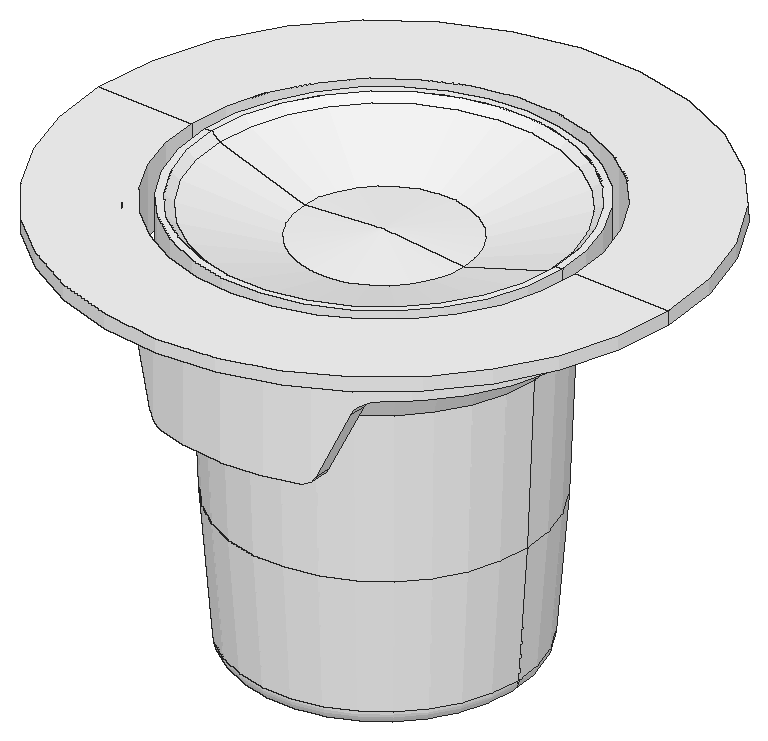
Revit family "0053544 Sylvania Lighting Fixture START SPOT LED IP20 4000K", category Lighting Fixtures, host Face, Revit 2016
Family settings
  Host = Face
  Part Type = Normal
  Round Connector Dimension = Use Diameter
  OmniClass Number = 23.80.70.00
  OmniClass Title = Lighting
  Cut with Voids When Loaded = No
  Light Source = No
  Shared = No
  Room Calculation Point = No
Parameters (values of type "0053544 START SPOT LED IP20 4000K")
  Weight = "4.032 kg"
  Wattage Comments = ""
  WarrantyStartDate [instance] = "n/a"
  WarrantyGuarantorParts = "n/a"
  WarrantyDurationUnit = "n/a"
  WarrantyDurationParts = "n/a"
  WarrantyDescription = "n/a"
  Voltage = 230 V
  VisibilityTop_FEILO = yes
  URL = "http://www.sylvania-lighting.com"
  TypeName = "START SPOT LED IP20 4000K"
  TypeHead_FEILO = Start Spot IP20 Head : 0053544 START SPOT LED IP20 4000K
  Type Image = <None>
  Type Comments = "n/a"
  TiltAngle_FEILO [instance] = 0.00°
  SerialNumber [instance] = "n/a"
  RadiusOptics_FEILO = 98.5 mm
  RadiusDiffuser_FEILO = 14 mm
  RadiusCutout_FEILO = 36 mm
  Material_3_FEILO = none
  PowerFactor = 0
  PowerConsumption = "5 W"
  NominalLength = 86 mm
  NominalHeight = 60 mm
  NominalDepth = 86 mm
  Name = "START SPOT LED IP20 4000K"
  ModelReference = Name  # "START SPOT LED IP20 4000K"
  ModelNumber = "0053544"
  Model = Name  # "START SPOT LED IP20 4000K"
  Material = "polycarbonate housing, acrylic diffuser"
  ManufacturerName = "Feilo Sylvania"
  Manufacturer = "Feilo Sylvania"
  LuminousEfficacy = "84 lm/W"
  LuminaireType = ""
  LightOutputRatio = "100"
  LampsType = Lamp  # "LED"
  LampNominalLuminous = "420 lm"
  LampMacAdamStep = "n/a"
  LampColourTemperature = "4000 K"
  LampColourRenderingIndex = "80"
  Lamp = "LED"
  Keynote = "16500"
  InstallationDate [instance] = "n/a"
  InputVoltage = "220-240V~"
  InputNominalFrequency = "50/60 Hz"
  IngressProtection = "IP20"
  ImpactProtectionIndex = "IK03"
  IfcExportType = "IfcLightFixtureType"
  IfcExportAs = "IfcLightFixtureType"
  HeightBezel_FEILO = 2 mm
  ExpectedLife = 50000
  EndAngle_FEILO [instance] = TiltAngle_FEILO + 180.00°  # 180.00°
  ElectricShockClassification = "Class II"
  DurationUnit = "hours"
  DocumentationLiterature = "http://www.sylvania-lighting.com/product/en-int/products/0053544"
  DimmingControlOptions = "n/a"
  Material_2_FEILO = LED-Sylvania-StartSpot
  DiameterBezel_FEILO = 86 mm
  Description = "Integrated LED IP20 adjustable downlight, RAL9016, 430LM, 5W, 4000K, 30 degree tilt, 38 degree beam angle, polycarbonate white body, low profile 41mm recessed depth, 86mm bezel diameter, 68-74mm cutout, clear lens."
  DepthDiffuser_FEILO = 5 mm
  Default Elevation = 1219.2 mm
  CreatedOn = "4/20/2018"
  CreatedBy = "aron.fodor@sylvania-lighting.com"
  Cost = 0
  built-in parameter 1114216 [instance] = (empty or 0)
  ClassificationValue = "EF_70_80"
  ClassificationName = "Uniclass2015"
  Material_1_FEILO = Body-Sylvania-StartSpot-White
  BarCode [instance] = "n/a"
  AssetType = "Fixed"
  AssetIdentifier [instance] = "n/a"
  Assembly Code = "D5020200"
  Apparent Load = 5 VA
  Material_4_FEILO = none
Reference planes
  plane 1 "Center (Front/Back)": y = 0
  plane 2: z = 0
  plane 3 "Center (Left/Right)": x = 0
  plane 4: x = -43
  plane 5: x = 43
  plane 6: z = 2
  plane 7: z = -8
  plane 8: z = -10
  plane 9: z = -13.5
  plane 10: z = -36.5
  plane 11: z = -55
  plane 12: z = -67.625
  plane 13: x = -19
  plane 14: x = -21.5
  plane 15: x = -24
  plane 16: x = -26
  plane 17: x = -31
  plane 18: x = -17
  plane 19: z = -20
  plane 20: z = -3
  plane 21: x = -14
  plane 22: x = -29
  plane 23: x = -23
  plane 24: x = -27.2
  plane 25: x = -26
  plane 26: z = 1
  plane 27: z = -2
  plane 28: x = -12
  plane 29: y = 43
  plane 30: y = 43
  plane 31: y = -43
  plane 32: x = 31
  plane 33: x = 12
  plane 34: x = 17
  plane 35: z = -7
  plane 36: x = -36
  plane 37: x = -28.2
Forms (mm)
  Revolve 1, solid, material "Body-Sylvania-StartSpot-White" <- "Material_1_FEILO"
    sketch origin (0, 0, 0) x (1, 0, 0) y (0, 0, 1)
      loop
        line (-29, 2) -> (-43, 2) -> (-43, 0) -> (-31, 0) -> (-31, -20) -> (-29, -20) -> (-29, 2)
      axis (0, 2) -> (0, -20)
    angle from 360 to 0
  Extrusion 2, void
    sketch origin (0, 0, 0) x (1, 0, 0) y (0, 0, 1)
      loop
        line (-31, -8) -> (-31, -20) -> (-10.333, -20)
        arc (-10.333, -20) -> (-11.72, -19.58) -> (-12.641, -18.462) r 2.5
        line (-12.641, -18.462) -> (-16.231, -9.846)
        arc (-16.231, -9.846) -> (-17.336, -8.504) -> (-19, -8) r 3
        line (-19, -8) -> (-31, -8)
      loop
        line (31, -8) -> (19, -8)
        arc (19, -8) -> (17.336, -8.504) -> (16.231, -9.846) r 3
        line (16.231, -9.846) -> (12.513, -18.769)
        arc (12.513, -18.769) -> (11.776, -19.664) -> (10.667, -20) r 2
        line (10.667, -20) -> (31, -20) -> (31, -8)
    from -43 to 43
  Revolve 3, void
    sketch origin (0, 0, 0) x (1, 0, 0) y (0, 0, 1)
      loop
        line (-36, 0) -> (-36, -67.625) -> (0, -67.625) -> (0, 0) -> (-36, 0)
      axis (0, 0) -> (0, -67.625)
    angle from 360 to 0
  Revolve 4, solid, not visible
    sketch origin (0, 0, 0) x (0, 1, 0) y (0, 0, 1)
      loop
        line (0, -13.5) -> (-12.534, -13.5) -> (-12.534, -17.399) -> (0, -17.399) -> (0, -13.5)
      axis (0, -13.5) -> (-12.534, -13.5)
    angle from 0 <- "TiltAngle_FEILO" to 180 <- "EndAngle_FEILO"
Cuts and joins
  Extrusion 2 cuts Revolve 1
Lines and regions (mm)
  reference lines
    curve 1: line (-17, 0, -8) -> (-12, 0, -20)
    curve 2: line (17, 0, -8) -> (12, 0, -20)
Dimensions and locks
  equal spacing: plane 5, plane 3 "Center (Left/Right)", plane 4
  "DiameterBezel_FEILO": plane 5 to plane 4
  "HeightBezel_FEILO": plane 6 to plane 2
  plane 3 "Center (Left/Right)" to plane 13 to plane 14 to plane 15 to plane 16 to plane 17 to plane 4 = 19 mm, 2.5 mm, 2.5 mm, 2 mm, 5 mm, 12 mm
  plane 2 to plane 7 to plane 8 to plane 9 to plane 19 to plane 10 to plane 11 to plane 12 = 8 mm locked, 2 mm locked, 3.5 mm locked, 6.5 mm locked, 16.5 mm locked, 18.5 mm locked, 12.625 mm locked
  "DepthDiffuser_FEILO": plane 6 to plane 20
  "RadiusDiffuser_FEILO": plane 3 "Center (Left/Right)" to plane 21
  locked: plane 22 to plane 17 at 2
  locked: plane 23 to plane 15 at 1
  locked: plane 25 to plane 24 at 1.2
  locked: plane 6 to plane 26 at 1
  locked: plane 27 to plane 20 at 1
  locked: plane 3 "Center (Left/Right)" to plane 28 at 12
  equal spacing: plane 31, plane 1 "Center (Front/Back)", plane 30
  "DiameterBezel_FEILO": plane 31 to plane 30
  locked: plane 32 to plane 3 "Center (Left/Right)" at 31
  locked: plane 33 to plane 3 "Center (Left/Right)" at 12
  locked: plane 34 to plane 3 "Center (Left/Right)" at 17
  locked: plane 6 to plane 35 at 9
  "RadiusCutout_FEILO": plane 3 "Center (Left/Right)" to plane 36
  locked: plane 24 to plane 37 at 1
  aligned and locked: plane 2 to host face
  aligned and locked: level to host face
  aligned and locked: Revolve 1 sketch curve to plane 3 "Center (Left/Right)"
  aligned and locked: Revolve 1 sketch curve to plane 17
  aligned and locked: plane 7 to curve 1
  aligned and locked: plane 18 to curve 1
  aligned and locked: plane 28 to curve 1
  aligned and locked: plane 19 to curve 1
  aligned and locked: plane 7 to Extrusion 2 sketch curve  (x2)
  aligned and locked: curve 1 to Extrusion 2 sketch curve
  aligned and locked: Extrusion 2 sketch curve to Revolve 1
  aligned and locked: plane 7 to curve 2
  aligned and locked: plane 19 to curve 2
  aligned and locked: Extrusion 2 sketch curve to plane 32
  aligned and locked: Extrusion 2 sketch curve to curve 2
  aligned and locked: plane 19 to Extrusion 2 sketch curve
  aligned and locked: Extrusion 2 sketch curve to plane 19
  aligned and locked: Revolve 3 sketch curve to level
  aligned and locked: Revolve 3 sketch curve to plane 3 "Center (Left/Right)"  (x2)
  aligned and locked: plane 36 to Revolve 3 sketch curve
  aligned and locked: plane 25 to plane 16
  aligned and locked: Revolve 1 sketch curve to plane 6
  aligned and locked: Revolve 1 sketch curve to plane 22
  aligned and locked: Revolve 4 sketch curve to plane 9  (x2)
  aligned and locked: Revolve 4 sketch curve to plane 1 "Center (Front/Back)"
  aligned and locked: Revolve 3 sketch curve to plane 12
  aligned and locked: nested 2 to plane 1 "Center (Front/Back)"
Automatic sketch dimensions
  host sketch curve to host sketch curve = 2438.4 mm  (x2)
  curve 2 to plane 33 = 0 mm
  curve 2 to plane 34 = 0 mm
  Extrusion 2 sketch curve to plane 13 = 0 mm
  Extrusion 2 sketch curve to plane 8 = 0.154 mm  (x2)
  Extrusion 2 sketch curve to plane 28 = 0.641 mm
  plane 28 to Extrusion 2 sketch curve = 1.667 mm
  Extrusion 2 sketch curve to plane 33 = 1.333 mm
  plane 33 to Extrusion 2 sketch curve = 0.513 mm
  plane 34 to Extrusion 2 sketch curve = 2 mm
  Revolve 1 sketch curve to plane 4 = 0 mm
  Revolve 1 sketch curve to plane 19 = 0 mm
  Revolve 1 sketch curve to level = 0 mm
  plane 12 to Revolve 1 sketch curve = 551.6 mm
  Revolve 1 sketch curve to plane 6 = 2606.058 mm
  Revolve 4 sketch curve to plane 19 = 2.601 mm
  plane 1 "Center (Front/Back)" to Revolve 4 sketch curve = 12.534 mm
  plane 31 to Revolve 4 sketch curve = 2511.941 mm
  Revolve 4 sketch curve to plane 29 = 2054.409 mm
  plane 12 to Revolve 3 sketch curve = 551.6 mm
  Revolve 3 sketch curve to plane 6 = 2607.058 mm
Nested families
  nested 1: "Start Spot tilt connector" at (0, -6.841, -11.913) x (0, 0, 1) z (1, 0, 0), type "Type Name"
  nested 2: "Start Spot IP20 Head" at (0, 0, -0.013) x (-1, 0, 0) z (0, 0, 1), type <- "TypeHead_FEILO", type "0053544 START SPOT LED IP20 4000K"
    with built-in parameter 1114216 (empty or 0)
Connectors
  electrical at (0, 0, 0), driven by "Apparent Load", driven by "PowerFactor", driven by "Voltage"
    settings: index 1, voltage 230 V, apparent load 5 VA, apparent load phase1 0 VA, apparent load phase2 0 VA, apparent load phase3 0 VA, power factor 0, load classification "Lighting", number of poles 1, system type 30, power factor state 1, is connector primary yes, connector utility no, sub classification motor no, connector description ""
Definition of nested family "Start Spot IP20 Head"
  Parameters (values of type "0053578 START SPOT LED IP20 4000K 3PK")
    Wattage Comments = ""
    Wattage = 5 W
    built-in parameter 1150110 = 1 (stored number, unit not read)
    VisibilityTop_FEILO = yes
    URL = "http://www.sylvania-lighting.com"
    Type Image = (empty or 0)
    Type Comments = "n/a"
    built-in parameter 1114217 = 1 (stored number, unit not read)
    Tilt Angle = -90.00°
    built-in parameter 1150109 = 1 (stored number, unit not read)
    built-in parameter 1150134 = 12
    built-in parameter 1150113 = 1 (stored number, unit not read)
    RadiusOptics_FEILO = 98.5 mm
    RadiusFilletTop_FEILO = 2.509 mm
    RadiusDiffuser_FEILO = 14 mm
    RadiusCutout_FEILO = 36 mm
    Photometric Web File = "0053544.ies"
    Material_3_FEILO = none
    Model = "START SPOT LED IP20 4000K 3PK"
    Manufacturer = "Feilo Sylvania"
    LuminousEfficacy = "84 lm/W"
    built-in parameter 1150105 = 732.03 (stored number, unit not read)
    Lumens = 420 lm
    built-in parameter 1150115 = 1 (stored number, unit not read)
    LightOutputRatio = "100"
    built-in parameter 1150137 = (empty or 0)
    built-in parameter 1150139 = (empty or 0)
    LampNominalLuminous = "420 lm"
    LampMacAdamStep = "n/a"
    LampColourTemperature = "4000 K"
    LampColourRenderingIndex = "80"
    built-in parameter 1150112 = 1 (stored number, unit not read)
    built-in parameter 1150114 = 1 (stored number, unit not read)
    Lamp = "LED"
    Keynote = "16500"
    built-in parameter 1150132 = (empty or 0)
    built-in parameter 1150102 = (empty or 0)
    built-in parameter 1150107 = 4000 (stored number, unit not read)
    built-in parameter 1150138 = (empty or 0)
    built-in parameter 1150106 = 7.3203 (stored number, unit not read)
    HeightBezel_FEILO = 2 mm
    Emit from Circle Diameter = 24 mm
    Emit Shape Visible in Rendering = no
    built-in parameter 1150104 = 7.8039 (stored number, unit not read)
    Material_2_FEILO = none
    Dimming Lamp Color Temperature Shift = (empty or 0)
    DiameterBezel_FEILO = 86 mm
    Description = "Integrated LED IP20 adjustable downlight, RAL9016, 430LM, 5W, 4000K, 30 degree tilt, 38 degree beam angle, polycarbonate white body, low profile 41mm recessed depth, 86mm bezel diameter, 68-74mm cutout, clear lens."
    DepthDiffuser_FEILO = 5 mm
    Default Elevation = 1219.2 mm
    Cost = 0
    Color Filter = 16777215
    built-in parameter 1114216 [instance] = (empty or 0)
    Material_1_FEILO = none
    built-in parameter 1114218 = 1 (stored number, unit not read)
    built-in parameter 1150133 = 10 (stored number, unit not read)
    Assembly Code = "D5020200"
    Apparent Load = 5 VA
    Material_4_FEILO = none
  Types (7, lengths in mm): name | Wattage | VisibilityTop_FEILO | built-in parameter 1150134 | Photometric Web File | Model | LuminousEfficacy | built-in parameter 1150105 | Lumens | LightOutputRatio | LampNominalLuminous | LampColourTemperature | built-in parameter 1150107 | built-in parameter 1150106 | built-in parameter 1150104 | Description | Apparent Load
    0053578 START SPOT LED IP20 4000K 3PK | 5 W | yes | 12 | "0053544.ies" | "START SPOT LED IP20 4000K 3PK" | "84 lm/W" | 732.03 (stored number, unit not read) | 420 lm | "100" | "420 lm" | "4000 K" | 4000 (stored number, unit not read) | 7.3203 (stored number, unit not read) | 7.8039 (stored number, unit not read) | "Integrated LED IP20 adjustable downlight, RAL9016, 430LM, 5W, 4000K, 30 degree tilt, 38 degree beam angle, polycarbonate white body, low profile 41mm recessed depth, 86mm bezel diameter, 68-74mm cutout, clear lens." | 5 VA
    0053543 START SPOT LED IP20 3000K | 5 W | yes | (empty or 0) | "0053543.ies" | "START SPOT LED IP20 3000K" | "80 lm/W" | 560.2 (stored number, unit not read) | 400 lm | "100" | "400 lm" | "3000 K" | 3000 (stored number, unit not read) | 5.602 (stored number, unit not read) | 7.4322 (stored number, unit not read) | "Integrated LED IP20 adjustable downlight, RAL9016, 400LM, 5W, 3000K, 30 degree tilt, 38 degree beam angle, polycarbonate white body, low profile 41mm recessed depth, 86mm bezel diameter, 68-74mm cutout, clear lens." | 5 VA
    0053544 START SPOT LED IP20 4000K | 5 W | yes | 12 | "0053544.ies" | "START SPOT LED IP20 4000K" | "84 lm/W" | 732.03 (stored number, unit not read) | 420 lm | "100" | "420 lm" | "4000 K" | 4000 (stored number, unit not read) | 7.3203 (stored number, unit not read) | 7.8039 (stored number, unit not read) | "Integrated LED IP20 adjustable downlight, RAL9016, 430LM, 5W, 4000K, 30 degree tilt, 38 degree beam angle, polycarbonate white body, low profile 41mm recessed depth, 86mm bezel diameter, 68-74mm cutout, clear lens." | 5 VA
    0053547 START SPOT LED IP20 6500K | 5 W | no | 1 | "0053547.ies" | "START SPOT LED IP20 6500K" | "84 lm/W" | 866.26 (stored number, unit not read) | 420 lm | "n/a" | "420 lm" | "6500 K" | 6500 (stored number, unit not read) | 8.6626 (stored number, unit not read) | 7.8039 (stored number, unit not read) | "Integrated LED IP20 adjustable downlight, RAL9016, 430LM, 5W, 6500K, 30 degree tilt, 38 degree beam angle, polycarbonate white body, low profile 41mm recessed depth, 86mm bezel diameter, 65-74mm cutout, clear lens" | 5 VA
    0053583 START SPOT LED DIM IP20 3000K | 5.5 W | no | (empty or 0) | "0053583.ies" | "START SPOT LED DIM IP20 3000K" | "73 lm/W" | 853.53 (stored number, unit not read) | 401.5 lm | "n/a" | "400 lm" | "3000 K" | 3000 (stored number, unit not read) | 8.5353 (stored number, unit not read) | 6.7819 (stored number, unit not read) | "Integrated dimmable LED IP20 adjustable downlight, RAL9016, 400LM, 5.5W, 3000K, 30 degree tilt, 38 degree beam angle, polycarbonate white body, low profile 41mm recessed depth, 86mm bezel diameter, 65-74mm cutout, clear lens" | 5.5 VA
    0053584 START SPOT LED DIM IP20 4000K | 5.5 W | no | 12 | "0053584.ies" | "START SPOT LED DIM IP20 4000K" | "76 lm/W" | 855.36 (stored number, unit not read) | 418 lm | "n/a" | "420 lm" | "4000 K" | 4000 (stored number, unit not read) | 8.5536 (stored number, unit not read) | 7.0606 (stored number, unit not read) | "Integrated dimmable LED IP20 adjustable downlight, RAL9016, 430LM, 5.5W, 4000K, 30 degree tilt, 38 degree beam angle, polycarbonate white body, low profile 41mm recessed depth, 86mm bezel diameter, 65-74mm cutout, clear lens" | 5.5 VA
    0053585 START SPOT LED DIM IP20 6500K | 5.5 W | no | 1 | "0053585.ies" | "START SPOT LED DIM IP20 6500K" | "76 lm/W" | 871.62 (stored number, unit not read) | 418 lm | "n/a" | "420 lm" | "6500 K" | 6500 (stored number, unit not read) | 8.7162 (stored number, unit not read) | 7.0606 (stored number, unit not read) | "Integrated dimmable LED IP20 adjustable downlight, RAL9016, 430LM, 5.5W, 6500K, 30 degree tilt, 38 degree beam angle, polycarbonate white body, low profile 41mm recessed depth, 86mm bezel diameter, 65-74mm cutout, clear lens" | 5.5 VA
  Reference planes
    plane 1 "Center (Front/Back)": y = 0
    plane 2: z = 0
    plane 3 "Center (Left/Right)": x = 0
    plane 4: z = 2
    plane 5: z = -9
    plane 6: z = -11
    plane 7: z = -14.5
    plane 8: z = -37.5
    plane 9: z = -56
    plane 10: z = -58
    plane 11: x = -19
    plane 12: x = -20.3
    plane 13: x = -22.8
    plane 14: x = -24.8
    plane 15: z = -21
    plane 16: z = -3
    plane 17: x = -21.8
    plane 18: x = -26
    plane 19: x = -24.8
    plane 20: z = 1
    plane 21: z = -2
    plane 22: x = -12
    plane 23: y = 43
    plane 24: y = 43
    plane 25: y = -43
    plane 26: z = -7
    plane 27: x = -27
  Forms (mm)
    Extrusion 1, solid
      sketch origin (4.2, 0, 0) x (1, 0, 0) y (0, 1, 0)
        loop
          line (-1219.2, 1219.2) -> (-1219.2, -1219.2) -> (1219.2, -1219.2) -> (1219.2, 1219.2) -> (-1219.2, 1219.2)
      from 0 to -68.017
    Revolve 2, solid, material <- "Material_1_FEILO"
      sketch origin (0, 0, 0) x (1, 0, 0) y (0, 0, 1)
        loop
          line (-24.8, -7) -> (-24.8, -11) -> (-22.8, -14.5) -> (-21.8, -37.5) -> (0, -37.5) -> (0, -2)
          arc (0, -2) -> (-6.021, -2.25) -> (-12, -3) r 72.5
          line (-12, -3) -> (-24.8, 1) -> (-26, 2) -> (-27, 2) -> (-27, -7) -> (-24.8, -7)
        axis (0, 2) -> (0, -37.5)
      angle from 360 to 0
    Revolve 3, solid, material <- "Material_1_FEILO", visible <- "VisibilityTop_FEILO"
      sketch origin (0, 0, 0) x (1, 0, 0) y (0, 0, 1)
        loop
          line (0, -37.5) -> (-21.8, -37.5) -> (-20.3, -56)
          arc (-20.3, -56) -> (-19.903, -57.164) -> (-19, -58) r 2.509
          line (-19, -58) -> (0, -58) -> (0, -37.5)
        axis (0, -37.5) -> (0, -58)
      angle from 360 to 0
  Dimensions and locks
    "HeightBezel_FEILO": plane 4 to plane 2
    plane 2 to plane 5 to plane 6 to plane 7 to plane 15 to plane 8 to plane 9 to plane 10 = 9 mm locked, 2 mm locked, 3.5 mm locked, 6.5 mm locked, 16.5 mm locked, 18.5 mm locked, 2 mm locked
    "DepthDiffuser_FEILO": plane 4 to plane 16
    locked: plane 4 to plane 20 at 1
    locked: plane 21 to plane 16 at 1
    equal spacing: plane 25, plane 1 "Center (Front/Back)", plane 24
    "DiameterBezel_FEILO": plane 25 to plane 24
    locked: plane 4 to plane 26 at 9
    locked: plane 3 "Center (Left/Right)" to plane 27 at 27
    plane 11 to plane 12 to plane 17 to plane 13 to plane 19 to plane 18 to plane 27 = 1.3 mm, 1.5 mm locked, 1 mm locked, 2 mm locked, 1.2 mm locked, 1 mm locked
    locked: plane 3 "Center (Left/Right)" to plane 22 at 12
    locked: Revolve 3 sketch curve to plane 10 at 2.203
    locked: plane 3 "Center (Left/Right)" to Revolve 3 sketch curve at 17.8
    "RadiusFilletTop_FEILO": radius of Revolve 3 sketch curve
    aligned and locked: plane 2 to Extrusion 1
    aligned and locked: level to Extrusion 1
    aligned and locked: Revolve 2 sketch curve to plane 3 "Center (Left/Right)"
    aligned and locked: plane 6 to Revolve 2 sketch curve
    aligned and locked: Revolve 2 sketch curve to plane 14
    aligned and locked: plane 7 to Revolve 2 sketch curve
    aligned and locked: plane 17 to Revolve 2 sketch curve
    aligned and locked: plane 8 to Revolve 2 sketch curve
    aligned and locked: plane 3 "Center (Left/Right)" to Revolve 2 sketch curve  (x2)
    aligned and locked: Revolve 3 sketch curve to plane 3 "Center (Left/Right)"
    aligned and locked: plane 3 "Center (Left/Right)" to Revolve 3 sketch curve  (x2)
    aligned and locked: Revolve 3 sketch curve to Revolve 2  (x2)
    aligned and locked: plane 12 to Revolve 3 sketch curve
    aligned and locked: plane 11 to Revolve 3 sketch curve
    aligned and locked: plane 19 to plane 14
    aligned and locked: plane 14 to Revolve 2 sketch curve
    aligned and locked: plane 18 to Revolve 2 sketch curve
    aligned and locked: Revolve 2 sketch curve to plane 4
    aligned and locked: Revolve 2 sketch curve to plane 27
    aligned and locked: plane 26 to Revolve 2 sketch curve
    aligned and locked: plane 3 "Center (Left/Right)" to imposter light
    aligned and locked: imposter light to plane 21
    aligned and locked: plane 21 to Revolve 2 sketch curve
    aligned and locked: plane 22 to Revolve 2 sketch curve
    aligned and locked: plane 16 to Revolve 2 sketch curve
  Automatic sketch dimensions
    Extrusion 1 sketch curve to Extrusion 1 sketch curve = 2438.4 mm  (x2)
    Revolve 2 sketch curve to plane 13 = 0 mm
    Revolve 2 sketch curve to plane 20 = 0 mm
    Revolve 2 sketch curve to Revolve 2 sketch curve = 535.1 mm
    Revolve 2 sketch curve to plane 4 = 2607.058 mm
    plane 10 to Revolve 3 sketch curve = 551.6 mm
    Revolve 3 sketch curve to plane 4 = 2607.058 mm
  Connectors
    electrical at (0, 0, 0), driven by "Apparent Load"
      settings: index 1, voltage 0 V, apparent load 5 VA, apparent load phase1 0 VA, apparent load phase2 0 VA, apparent load phase3 0 VA, power factor 0, load classification none, number of poles 1, system type 30, power factor state 1, is connector primary yes, connector utility no, sub classification motor no, connector description ""
Definition of nested family "Start Spot tilt connector"
  Parameters (values of type "Type Name")
    URL = "http://www.feilosylvania.com"
    Type Image = (empty or 0)
    Type Comments = "n/a"
    Material_3_FEILO = none
    Model = ""
    Manufacturer = "Feilo Sylvania"
    Keynote = ""
    Material_2_FEILO = none
    Description = ""
    Default Elevation = 1219.2 mm
    Cost = 0
    Material_1_FEILO = none
    Assembly Code = ""
    Material_4_FEILO = none
  Reference planes
    plane 1 "Center (Front/Back)": y = 0
    plane 2: z = 0
    plane 3 "Center (Left/Right)": x = 0
    plane 4: x = 11.9
    plane 5: z = 2
    plane 6: x = 13.9
    plane 7: z = 4.937
    plane 8: y = -3
    plane 9: y = 3
  Forms (mm)
    Extrusion 1, solid
      sketch origin (4.2, 0, 0) x (1, 0, 0) y (0, 1, 0)
        loop
          line (-1219.2, 1219.2) -> (-1219.2, -1219.2) -> (1219.2, -1219.2) -> (1219.2, 1219.2) -> (-1219.2, 1219.2)
      from 0 to -68.017
    Extrusion 2, solid, not visible
      sketch origin (0, 0, 0) x (1, 0, 0) y (0, 0, 1)
        loop
          line (0, 0) -> (13.9, 0) -> (13.9, 4.937) -> (11.9, 4.937) -> (11.9, 2) -> (0, 2) -> (0, 0)
      from -3 to 3
  Dimensions and locks
    locked: plane 4 to plane 3 "Center (Left/Right)" at 11.9
    locked: plane 5 to plane 2 at 2
    locked: plane 6 to plane 4 at 2
    locked: plane 7 to plane 5 at 2.938
    plane 8 to plane 1 "Center (Front/Back)" to plane 9 = 3 mm locked, 3 mm locked
    aligned and locked: plane 2 to Extrusion 1
    aligned and locked: level to Extrusion 1
    aligned and locked: Extrusion 2 sketch curve to plane 4
    aligned and locked: plane 6 to Extrusion 2 sketch curve
    aligned and locked: Extrusion 2 sketch curve to plane 5
    aligned and locked: Extrusion 2 to plane 7
    aligned and locked: Extrusion 2 to plane 4
    aligned and locked: plane 8 to Extrusion 2
    aligned and locked: Extrusion 2 to plane 9
